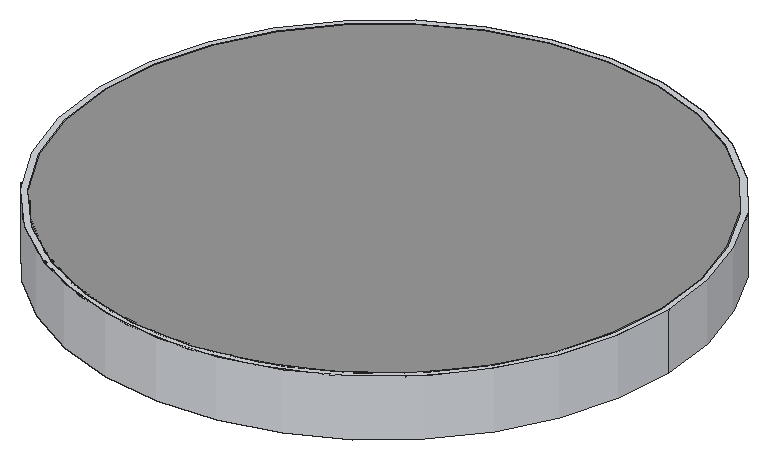
Revit family "2071218", category Lighting Fixtures, host Face, Revit 2018
Family settings
  Host = Face
  Round Connector Dimension = Use Diameter
  Part Type = Normal
  OmniClass Number = 23.80.70.00
  OmniClass Title = Lighting
  Cut with Voids When Loaded = No
  Light Source = Yes
  Shared = No
  Room Calculation Point = No
Parameters (values of type "2071218 COLOSSAL 600 840 PR DIR+H WHT DALI EM")
  iner diameter = 588 mm
  Weight = "n/a"
  Wattage Comments = ""
  Wattage = 30 W
  WarrantyStartDate [instance] = "n/a"
  WarrantyGuarantorParts = "n/a"
  WarrantyDurationUnit = "n/a"
  WarrantyDurationParts = ""
  WarrantyDescription = "http://www.sylvania-lighting.com"
  built-in parameter 1150110 = 1 (stored number, unit not read)
  Voltage = 230 V
  URL = "0.99"
  TypeName = "COLOSSAL 600mm 840 PRISM DIR+HAL WHITE DALI EM"
  Type Image = <None>
  Type Comments = "n/a"
  built-in parameter 1114217 = 1 (stored number, unit not read)
  Tilt Angle = -90.00°
  built-in parameter 1150109 = 1 (stored number, unit not read)
  built-in parameter 1150134 = (empty or 0)
  built-in parameter 1150113 = 1 (stored number, unit not read)
  SerialNumber [instance] = "n/a"
  Photometric Web File = "2071218.ies"
  Material_3_SYL = LED-Sylvania
  PowerFactor = 0
  PowerConsumption = "Lighting"
  NominalLength = 600 mm
  NominalHeight = 93 mm
  NominalDepth = 600 mm
  Name = "COLOSSAL 600mm 840 PRISM DIR+HAL WHITE DALI EM"
  ModelReference = Name  # "COLOSSAL 600mm 840 PRISM DIR+HAL WHITE DALI EM"
  ModelNumber = "2071218"
  Model = Name  # "COLOSSAL 600mm 840 PRISM DIR+HAL WHITE DALI EM"
  Material = "Feilo Sylvania"
  ManufacturerName = "127 lm/W"
  Manufacturer = ""
  LuminousEfficacy = ""
  built-in parameter 1150105 = 270.44 (stored number, unit not read)
  Lumens = 3398.4 lm
  LuminaireType = "0"
  built-in parameter 1150115 = 1 (stored number, unit not read)
  LightOutputRatio = "LED"
  built-in parameter 1150137 = (empty or 0)
  built-in parameter 1150139 = (empty or 0)
  LampsType = Lamp  # "n/a"
  LampNominalLuminous = "4000 K"
  LampMacAdamStep = "80"
  LampColourTemperature = "LED"
  LampColourRenderingIndex = "16500"
  built-in parameter 1150112 = 1 (stored number, unit not read)
  built-in parameter 1150114 = 1 (stored number, unit not read)
  Lamp = "n/a"
  Keynote = "n/a"
  InstallationDate [instance] = "n/a"
  InputVoltage = "0"
  InputNominalFrequency = "4000"
  built-in parameter 1150132 = (empty or 0)
  built-in parameter 1150102 = (empty or 0)
  built-in parameter 1150107 = 3000 (stored number, unit not read)
  built-in parameter 1150138 = (empty or 0)
  IngressProtection = "IfcLightFixtureType"
  ImpactProtectionIndex = "IfcLightFixtureType"
  built-in parameter 1150106 = 2.7044 (stored number, unit not read)
  IfcExportType = "IfcLightFixtureType"
  IfcExportAs = "Class I"
  Emit from Circle Diameter = 385 mm
  Emit Shape Visible in Rendering = no
  ElectricShockClassification = "127"
  built-in parameter 1150104 = 10.524 (stored number, unit not read)
  DocumentationLiterature = "http://www.sylvania-lighting.com/product/en-int/products/2071218"
  DimmingControlOptions = "n/a"
  Material_2_SYL = Polycarbonate_Sylvania_White
  Dimming Lamp Color Temperature Shift = <None>
  Description = "600mm diameter circular architectural luminaire, can be surface mounted or suspended. Powder coated aluminium housing (RAL9016) with PMMA prismatic diffuser. Direct/indirect (halo) light distribution, 4090lm luminuous flux, 32.1W system power, 127lm/W luminiaire efficacy. DALI dimmable. 3 hours integrated emergency. Colour rendering index Ra >80, 4000K Neutral White LED, chromaticity tolerance of 3-step MacAdam ellipse. IP40, IK03. 350mA drive current. UGR≤19. Electrical protection Class1, 220-240V. Reported lifetime 66k hours L90B10."
  Default Elevation = 1219.2 mm
  CreatedOn = "23/03/2022"
  CreatedBy = "@sylvania-lighting.com"
  Cost = 0
  Color Filter = 16777215
  built-in parameter 1114216 [instance] = (empty or 0)
  ClassificationValue = "EF_70_80"
  ClassificationName = "Uniclass2015"
  Material_1_SYL = Polycarbonate_Sylvania_Opal
  BarCode [instance] = "n/a"
  built-in parameter 1114218 = 1 (stored number, unit not read)
  built-in parameter 1150133 = 10 (stored number, unit not read)
  AssetType = "Fixed"
  AssetIdentifier [instance] = "n/a"
  Assembly Code = "D5020200"
  Apparent Load = 32.1 VA
  Material_4_SYL = none
Reference planes
  plane 1 "Center (Front/Back)": y = 0
  plane 2: z = 0
  plane 3 "Center (Left/Right)": x = 0
  plane 4: x = -300
  plane 5: x = 300
  plane 6: y = 300
  plane 7: y = -300
  plane 8: y = 212
  plane 9: y = -212
  plane 10: z = 93
  plane 11: y = 294
  plane 12: y = -294
  plane 13: through (0, 0, 1219.2) normal (0.5, -0.866, 0)
  plane 14: through (-134.29, 20.617, 1219.2) normal (0.5, -0.866, 0)
  plane 15: through (-144.685, -181.683, 1219.2) normal (-0.5, 0.866, 0)
  plane 16: through (0, 0, 1219.2) normal (0.5, 0.866, 0)
  plane 17: through (178.555, -4.939, 1219.2) normal (0.5, 0.866, 0)
  plane 18: through (87.581, -148.715, 1219.2) normal (0.5, 0.866, 0)
  plane 19: y = 272
  plane 20: through (105.168, 227.067, 1219.2) normal (0.866, 0.5, 0)
  plane 21: through (-104.171, 225.672, 1219.2) normal (0.8572, -0.515, 0)
  plane 22: y = -204.612
  plane 23: through (-296.643, -30.2, 1219.2) normal (0.866, 0.5, 0)
  plane 24: through (153.092, -278.837, 1219.2) normal (-0.866, 0.5, 0)
Forms (mm)
  Extrusion 1, solid, detail levels medium+fine
    sketch origin (0, 0, 0) x (1, 0, 0) y (0, 1, 0)
      loop
        circle (0, 0) r 300
    from 33.023 to 93
  Extrusion 2, void
    sketch origin (0, 0, 0) x (1, 0, 0) y (0, 1, 0)
      loop
        circle (0, 0) r 294
    from 93 to 37.292
  Extrusion 3, solid, material "Glass, White, High Luminance", detail levels fine
    sketch origin (0, 0, 0) x (1, 0, 0) y (0, 1, 0)
      loop
        circle (0, 0) r 294
    from 88.026 to 93
  Extrusion 4, solid, detail levels coarse
    sketch origin (0, 0, 0) x (1, 0, 0) y (0, 1, 0)
      loop
        line (-300, 300) -> (-300, -300) -> (300, -300) -> (300, 300) -> (-300, 300)
    from 0 to 93
  Blend 5, solid, detail levels medium+fine
    base sketch origin (0, 0, 0) x (1, 0, 0) y (0, 1, 0)
      loop
        line (-76.334, 272) -> (-277.665, -63.07) -> (-195.946, -204.612) -> (195.946, -204.612) -> (275.172, -67.388) -> (79.226, 272) -> (-76.334, 272)
    top sketch origin (0, 0, 0) x (1, 0, 0) y (0, 1, 0)
      loop
        line (-226.097, -32.388) -> (-141.097, -179.612) -> (141.097, -179.612) -> (226.097, -32.388) -> (85, 212) -> (-85, 212) -> (-226.097, -32.388)
    from 33.023 to 0
Cuts and joins
  Extrusion 2 cuts Extrusion 1
Lines and regions (mm)
  model lines
    curve 1: line (-85, 212, 0) -> (0, 212, 0)
    curve 2: line (0, 212, 0) -> (85, 212, 0)
Dimensions and locks
  "NominalDepth": plane 6 to plane 7
  "NominalLength": plane 4 to plane 5
  equal spacing: plane 4, plane 3 "Center (Left/Right)", plane 5
  "iner diameter": plane 11 to plane 12
  equal spacing: plane 11, plane 1 "Center (Front/Back)", plane 12
  equal spacing: plane 6, plane 1 "Center (Front/Back)", plane 7
  "NominalHeight": plane 10 to level
  radius of Extrusion 2 sketch curve = 294 mm
  aligned and locked: plane 2 to host face
  aligned and locked: level to host face
Automatic sketch dimensions
  host sketch curve to host sketch curve = 2438.4 mm  (x2)
  plane 1 "Center (Front/Back)" to Extrusion 1 sketch curve = 0 mm
  Extrusion 1 sketch curve to plane 3 "Center (Left/Right)" = 0 mm
  plane 1 "Center (Front/Back)" to Extrusion 2 sketch curve = 0 mm
  Extrusion 2 sketch curve to plane 3 "Center (Left/Right)" = 0 mm
  plane 1 "Center (Front/Back)" to Extrusion 3 sketch curve = 0 mm
  Extrusion 3 sketch curve to plane 3 "Center (Left/Right)" = 0 mm
  Extrusion 4 sketch curve to plane 4 = 0 mm
  Extrusion 4 sketch curve to plane 5 = 0 mm
  Extrusion 4 sketch curve to plane 7 = 0 mm
  Extrusion 4 sketch curve to plane 6 = 0 mm
  Blend 5 sketch curve to plane 8 = 0 mm
  Blend 5 sketch curve to plane 3 "Center (Left/Right)" = 85 mm
  plane 3 "Center (Left/Right)" to Blend 5 sketch curve = 85 mm
  plane 9 to Blend 5 sketch curve = 32.388 mm
  plane 3 "Center (Left/Right)" to Blend 5 sketch curve = 141.097 mm
  plane 1 "Center (Front/Back)" to Blend 5 sketch curve = 32.388 mm  (x2)
  Blend 5 sketch curve to plane 5 = 73.903 mm
  Blend 5 sketch curve to plane 3 "Center (Left/Right)" = 141.097 mm
  plane 4 to Blend 5 sketch curve = 73.903 mm
  curve 1 to plane 8 = 0 mm
  curve 2 to plane 3 "Center (Left/Right)" = 0 mm
  curve 1 to plane 3 "Center (Left/Right)" = 85 mm
  curve 1 to curve 2 = 85 mm
  Blend 5 sketch curve to plane 21 = 0 mm
  Blend 5 sketch curve to plane 23 = 0 mm  (x2)
  Blend 5 sketch curve to plane 22 = 0 mm
  Blend 5 sketch curve to plane 19 = 0 mm
  plane 21 to Blend 5 sketch curve = 0 mm
  Blend 5 sketch curve to plane 20 = 0 mm  (x2)
  Blend 5 sketch curve to plane 24 = 0 mm  (x2)
  radius of Extrusion 1 sketch curve = 300 mm
  radius of Extrusion 3 sketch curve = 294 mm
Connectors
  electrical at (0, 0, 0), driven by "Apparent Load", driven by "PowerFactor", driven by "Voltage"
    settings: index 1, voltage 230 V, apparent load 32.1 VA, apparent load phase1 0 VA, apparent load phase2 0 VA, apparent load phase3 0 VA, power factor 0, load classification "Lighting", number of poles 1, system type 30, power factor state 1, is connector primary yes, connector utility no, sub classification motor no, connector description ""
